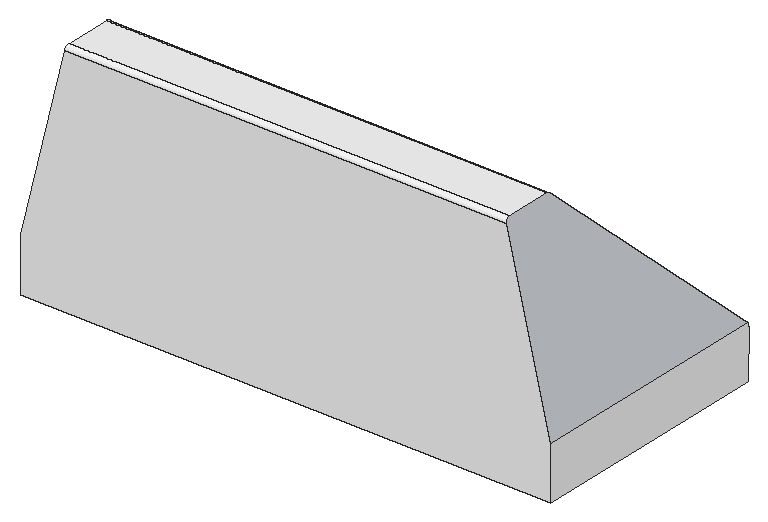
Revit family "Arboles UK - PED-SS2-W", category Electrical Fixtures, Revit 2015
Parameters (values of type "PED/SS2-W")
  URL = "www.arboles.co.uk"
  Model = "PED/SS2-W"
  Material = "ABS"
  Manufacturer = "Arboles UK Ltd, 01204 388814"
  Dimensions = "L 200mm x w 93mm x  H 91mm"
  Description = "Bench mounting electrical box, single sided two gang"
  Colour = "White: RAL 9010"
Reference planes
  plane 1 "Center (Front/Back)": y = 0
  plane 2: z = 0
  plane 3 "Center (Left/Right)": x = 0
Forms (mm)
  Extrusion 1, solid
    sketch origin (0, 0, 0) x (0, 1, 0) y (0, 0, 1)
      loop
        line (0, 0) -> (0, 18.477)
        arc (0, 18.477) -> (-0.286, 19.878) -> (-1.099, 21.054) r 3.571
        line (-1.099, 21.054) -> (-72.56, 89.579)
        arc (-72.56, 89.579) -> (-73.044, 89.891) -> (-73.609, 90) r 1.515
        line (-73.609, 90) -> (-91.217, 90)
        arc (-91.217, 90) -> (-92.478, 89.478) -> (-93, 88.217) r 1.783
        line (-93, 88.217) -> (-93, 0) -> (0, 0)
    from 0 to 200
  Extrusion 2, void
    sketch origin (0, 0, 20) x (0, 0.721782, -0.69212) y (1, 0, 0)
      loop
        line (-85.833, 163.317) -> (-86.983, 37.322) -> (-56.984, 37.048) -> (-56.948, 41)
        arc (-56.948, 41) -> (-55.736, 43.851) -> (-52.863, 45.011) r 4.048
        line (-52.863, 45.011) -> (-50.917, 44.993)
        arc (-50.917, 44.993) -> (-48.095, 43.794) -> (-46.948, 40.952) r 4.005
        line (-46.948, 40.952) -> (-46.957, 39.957) -> (-16.958, 39.683) -> (-16.411, 99.681) -> (-15.863, 159.678) -> (-45.862, 159.952) -> (-45.871, 159.024)
        arc (-45.871, 159.024) -> (-47.077, 156.186) -> (-49.937, 155.031) r 4.03
        line (-49.937, 155.031) -> (-52.353, 155.053)
        arc (-52.353, 155.053) -> (-55.274, 156.295) -> (-56.462, 159.237) r 4.146
        line (-56.462, 159.237) -> (-56.427, 163.048) -> (-85.833, 163.317)
    from 0 to 25
  Extrusion 3, void
    sketch origin (0, 0, 0) x (1, 0, 0) y (0, 0, 1)
      loop
        line (183, 90) -> (200, 20) -> (215, 20) -> (215, 90) -> (183, 90)
    from 0 to 100
  Extrusion 4, void
    sketch origin (0, 0, 0) x (1, 0, 0) y (0, 0, 1)
      loop
        line (17.045, 90) -> (-13.404, 90) -> (-13.404, 20) -> (0, 20) -> (17.045, 90)
    from 0 to 100
Cuts and joins
  Extrusion 2, Extrusion 3, Extrusion 4 cuts Extrusion 1
Dimensions and locks
  aligned and locked: level to plane 2
